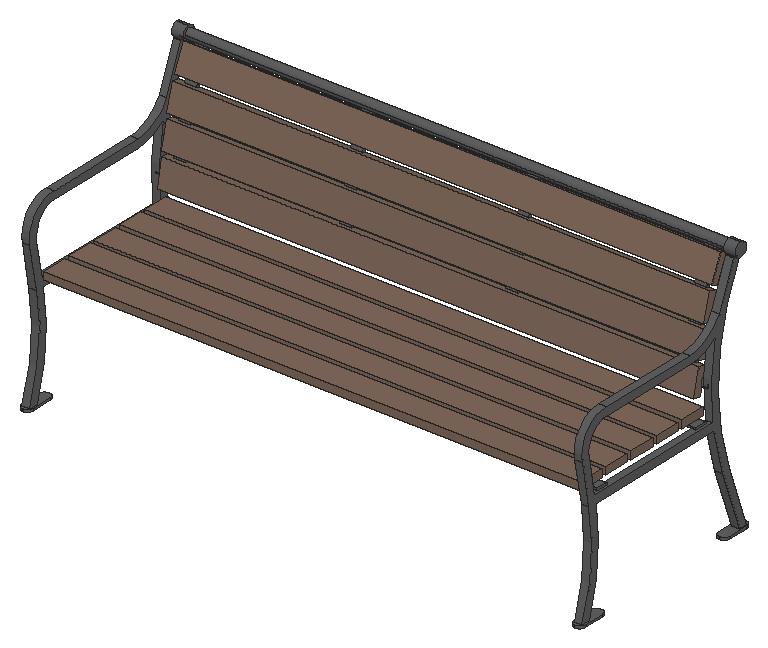
Revit family "Bench-SiteScapes-Avondale-Backed-Wood_Slat", category Furniture, Revit 2015 (continued)
Definition of nested family "Frame-Back-SiteScapes-Steel_Bar"
  Lines and regions (in)
    model lines, detail levels coarse
      curve 9: line (10.08333, -3.6182, 7.40443) -> (10.08333, -4.94363, 0.58633)
      curve 10: line (10.08333, -3.61722, 7.40414) -> (10.08333, -2.62644, 10.73314)
      curve 11: line (10.08333, -2.62896, 10.73427) -> (10.08333, -0.69075, 15.04818)
      curve 12: line (33.25, -3.6182, 7.40443) -> (33.25, -4.94363, 0.58633)
      curve 13: line (33.25, -3.61722, 7.40414) -> (33.25, -2.62051, 10.75309)
      curve 14: line (33.25, -2.62051, 10.75309) -> (33.25, -0.69075, 15.04818)
  Dimensions and locks (in)
    equal spacing: plane 4 "Left", plane 3 "Center (Left/Right)", plane 5 "Right"
    "Frame Width": plane 4 "Left" to plane 5 "Right"
    "Height": plane 6 "Top" to plane 2 "Original Bottom"
    locked: plane 8 "Bar 4 Left" to plane 7 "Bar 4 Right" at 1.5
    locked: plane 10 "Bar 3 Left" to plane 9 "Bar 3 Right" at 1.5
    locked: plane 12 "Bar 2 Left" to plane 11 "Bar 2 Right" at 1.5
    locked: plane 14 "Bar 1 Left" to plane 13 "Bar 1 Right" at 1.5
    equal spacing: plane 13 "Bar 1 Right", plane 11 "Bar 2 Right", plane 9 "Bar 3 Right", plane 8 "Bar 4 Left"
    locked: plane 4 "Left" to plane 14 "Bar 1 Left" at 2
    locked: plane 7 "Bar 4 Right" to plane 5 "Right" at 2
    plane 4 "Left" to plane 16 "Left Inset" = 0' - 0 1/2"
    plane 15 "Right Inset" to plane 5 "Right" = 0' - 0 1/4"
    "Depth": plane 17 "Front" to plane 1 "Center (Front/Back)"
    locked: curve 1 to Masking region 2 at 0.66061
    aligned and locked: plane 2 "Original Bottom" to level
    aligned and locked: plane 8 "Bar 4 Left" to Sweep 1 sketch curve
    aligned and locked: Sweep 1 sketch curve to plane 7 "Bar 4 Right"
    aligned and locked: Sweep 1 sketch curve to plane 9 "Bar 3 Right"
    aligned and locked: plane 10 "Bar 3 Left" to Sweep 1 sketch curve
    aligned and locked: Sweep 1 sketch curve to plane 11 "Bar 2 Right"
    aligned and locked: plane 12 "Bar 2 Left" to Sweep 1 sketch curve
    aligned and locked: Sweep 1 sketch curve to plane 13 "Bar 1 Right"
    aligned and locked: plane 14 "Bar 1 Left" to Sweep 1 sketch curve
    aligned: plane 1 "Center (Front/Back)" to Sweep 2 sketch curve
    aligned and locked: plane 1 "Center (Front/Back)" to Sweep 2 sketch curve
    aligned and locked: plane 4 "Left" to Sweep 2 sketch curve
    aligned and locked: plane 5 "Right" to Sweep 2 sketch curve
    aligned and locked: plane 1 "Center (Front/Back)" to Sweep 3 sketch curve
    aligned and locked: plane 4 "Left" to Sweep 3 sketch curve
    aligned and locked: plane 5 "Right" to Sweep 3 sketch curve
    aligned and locked: Masking region 2 sketch curve to plane 14 "Bar 1 Left"
    aligned and locked: plane 13 "Bar 1 Right" to Masking region 2 sketch curve
    aligned and locked: Masking region 2 to Masking region 2
    aligned and locked: Masking region 2 to plane 6 "Top"
    aligned and locked: Masking region 2 to plane 4 "Left"
    aligned and locked: Masking region 2 to plane 7 "Bar 4 Right"
    aligned and locked: plane 8 "Bar 4 Left" to Masking region 2
    aligned and locked: Masking region 2 to plane 5 "Right"  (x2)
    aligned and locked: Masking region 2 to Sweep 3
    aligned: Masking region 1 to plane 1 "Center (Front/Back)"
    aligned: Masking region 1 to plane 17 "Front"
    aligned: Masking region 1 to plane 14 "Bar 1 Left"  (x2)
    aligned: plane 4 "Left" to Masking region 1  (x2)
    aligned: Sweep 3 to Masking region 1
    aligned: Masking region 1 to plane 8 "Bar 4 Left"
    aligned: plane 7 "Bar 4 Right" to Masking region 1
    aligned: plane 5 "Right" to Masking region 1  (x2)
    aligned and locked: Masking region 1 sketch curve to Sweep 3  (x3)
    aligned and locked: Sweep 3 to Masking region 1 sketch curve
    aligned and locked: Masking region 1 sketch curve to Sweep 1  (x4)
    aligned and locked: plane 14 "Bar 1 Left" to Masking region 1 sketch curve  (x3)
    aligned and locked: Masking region 1 sketch curve to plane 7 "Bar 4 Right"  (x3)
    aligned and locked: Sweep 1 to curve 2
    aligned and locked: Sweep 3 to curve 2
    aligned and locked: Sweep 1 to curve 3
    aligned and locked: curve 5 to curve 9
    aligned and locked: curve 10 to curve 9
    aligned and locked: curve 12 to curve 13
    aligned and locked: curve 13 to curve 14
    aligned and locked: Masking region 1 sketch curve to plane 4 "Left"
    aligned and locked: Masking region 1 sketch curve to plane 5 "Right"
  Automatic sketch dimensions
    plane 4 "Left" to curve 1 = 0' - 0"
    curve 1 to plane 5 "Right" = 0' - 0"
    Sweep 1 sketch curve to plane 17 "Front" = 0' - 0"
    plane 17 "Front" to Sweep 1 sketch curve = 0' - 0.59991"
    plane 17 "Front" to Sweep 1 sketch curve = 0' - 1 27/64"
    plane 17 "Front" to Sweep 1 sketch curve = 0' - 2.41856"
    plane 1 "Center (Front/Back)" to Sweep 1 sketch curve = 0' - 0.80003"
    level to Sweep 1 sketch curve = 0' - 0.09541"
    Sweep 1 sketch curve to Sweep 1 sketch curve = 0' - 3.08599"
    Sweep 1 sketch curve to Sweep 1 sketch curve = 0' - 4.22283"
    Sweep 1 sketch curve to Sweep 1 sketch curve = 0' - 3.34886"
    Sweep 1 sketch curve to plane 6 "Top" = 0' - 0.59347"
    Sweep 1 sketch curve to profile plane = 0' - 0"  (x4)
    Sweep 1 sketch curve to Sweep 1 sketch curve = 0' - 0 5/16"  (x2)
    profile plane to Sweep 1 sketch curve = 0' - 0 5/16"  (x2)
    profile plane to Sweep 2 sketch curve = 0' - 0.6575"
    level to Sweep 2 sketch curve = 1' - 2.74093"
    level to Sweep 3 sketch curve = 0' - 0.09541"
    profile plane to Sweep 3 sketch curve = 0' - 5 5/128"
    level to Sweep 3 sketch curve = 0' - 1.07725"
    Sweep 3 sketch curve to Sweep 3 sketch curve = 0' - 0.19087"
    Sweep 3 sketch curve to level = 0' - 0.00021"
    level to Sweep 3 sketch curve = 0' - 0.98162"
    Masking region 1 sketch curve to plane 14 "Bar 1 Left" = 0' - 0"
    Masking region 1 sketch curve to plane 7 "Bar 4 Right" = 0' - 0"
    Masking region 1 sketch curve to Masking region 1 sketch curve = 0' - 1.01192"
    Masking region 2 sketch curve to plane 5 "Right" = 0' - 0"  (x2)
    Masking region 2 sketch curve to plane 7 "Bar 4 Right" = 0' - 0"
    Masking region 2 sketch curve to plane 8 "Bar 4 Left" = 0' - 0"
    Masking region 2 sketch curve to plane 9 "Bar 3 Right" = 0' - 0"
    Masking region 2 sketch curve to plane 10 "Bar 3 Left" = 0' - 0"
    Masking region 2 sketch curve to plane 11 "Bar 2 Right" = 0' - 0"
    Masking region 2 sketch curve to plane 12 "Bar 2 Left" = 0' - 0"
    plane 4 "Left" to Masking region 2 sketch curve = 0' - 0"  (x2)
    Masking region 2 sketch curve to plane 6 "Top" = 0' - 0"
    Masking region 2 sketch curve to plane 6 "Top" = 0' - 1.31089"
    Masking region 2 sketch curve to plane 6 "Top" = 0' - 1.32119"
    Masking region 2 sketch curve to plane 6 "Top" = 0' - 1.32121"  (x3)
    level to Masking region 2 sketch curve = 0' - 1.07725"  (x5)
    level to Masking region 2 sketch curve = 0' - 0.09541"
    Masking region 3 sketch curve to plane 17 "Front" = 0' - 0"
    Masking region 3 sketch curve to level = 0' - 0.00021"
    plane 17 "Front" to Masking region 3 sketch curve = 0' - 0.4919"
    plane 17 "Front" to Masking region 3 sketch curve = 0' - 0.49776"
    Masking region 3 sketch curve to Masking region 3 sketch curve = 0' - 0.18501"
    plane 17 "Front" to Masking region 3 sketch curve = 0' - 1.41886"
    Masking region 3 sketch curve to Masking region 3 sketch curve = 0' - 0.30686"
    plane 17 "Front" to Masking region 3 sketch curve = 0' - 2.41856"
    Masking region 3 sketch curve to Masking region 3 sketch curve = 0' - 0.29358"
    plane 1 "Center (Front/Back)" to Masking region 3 sketch curve = 0' - 1.06177"
    Masking region 3 sketch curve to Masking region 3 sketch curve = 0' - 0.28505"
    Masking region 3 sketch curve to Masking region 3 sketch curve = 0' - 0.11922"
    level to Masking region 3 sketch curve = 0' - 0.09541"
    Masking region 3 sketch curve to Masking region 3 sketch curve = 0' - 0.06446"
    Masking region 3 sketch curve to Masking region 3 sketch curve = 0' - 3.31437"
    Masking region 3 sketch curve to Masking region 3 sketch curve = 0' - 0.10909"
    Masking region 3 sketch curve to plane 6 "Top" = 0' - 1.3041"
    Masking region 3 sketch curve to Masking region 3 sketch curve = 0' - 0.12807"
    curve 1 to plane 6 "Top" = 0' - 0.66061"
    plane 1 "Center (Front/Back)" to Masking region 1 sketch curve = 0' - 0"
    curve 3 to Sweep 1 = 0' - 0"
    curve 3 to Sweep 1 = 0' - 0.02081"
    Sweep 1 to curve 3 = 0' - 0 3/4"
    curve 4 to Sweep 1 = 0' - 0.02063"
    curve 4 to Sweep 1 = 0' - 0.26663"
    Sweep 1 to curve 4 = 0' - 0 3/4"
    curve 5 to Sweep 3 = 0' - 0"  (x2)
    curve 2 to Sweep 1 = 0' - 0"
    Sweep 1 to curve 2 = 0' - 0.50011"
    Sweep 1 to curve 2 = 0' - 0 3/4"
    Sweep 1 to curve 6 = 0' - 0.50011"
    curve 6 to Sweep 1 = 0' - 0.01525"
    Sweep 1 to curve 6 = 0' - 0 3/4"
    curve 7 to Sweep 1 = 0' - 0.01517"
    curve 7 to Sweep 1 = 0' - 0.02081"
    Sweep 1 to curve 7 = 0' - 0 3/4"
    curve 8 to Sweep 1 = 0' - 0.02063"
    curve 8 to Sweep 1 = 0' - 0.26663"
    Sweep 1 to curve 8 = 0' - 0 3/4"
    curve 9 to Sweep 1 = 0' - 0"
    Sweep 1 to curve 9 = 0' - 0.50011"
    Sweep 1 to curve 9 = 0' - 0 3/4"
    curve 10 to Sweep 1 = 0' - 0"
    curve 10 to Sweep 1 = 0' - 0.02081"
    curve 11 to Sweep 1 = 0' - 0.02063"
    curve 11 to Sweep 1 = 0' - 0.26663"
    Sweep 1 to curve 11 = 0' - 0 3/4"
    Sweep 1 to curve 12 = 0' - 0"
    Sweep 1 to curve 12 = 0' - 0.50011"
    Sweep 1 to curve 13 = 0' - 0"  (x2)
    Sweep 1 to curve 14 = 0' - 0"
    Sweep 1 to curve 14 = 0' - 0.26663"
    curve 14 to Sweep 1 = 0' - 0 3/4"
    radius of Sweep 2 sketch curve = 0' - 0.6575"
Definition of nested family "Unused-SiteScapes-Component"
  Parameters
    Radius = Diameter / 2  # 0' - 2"
    Diameter = 0' - 4"
    Product Page URL = ""
    Product Documentation Link = ""
    Height = 0' - 2"
    Copyright © = ""
    Assembly Code = ""
  Reference planes (in)
    plane 1 "Center (Front/Back)": y = 0
    plane 2 "Original Bottom": z = 0
    plane 3 "Center (Left/Right)": x = 0
    plane 4 "Left": x = -2
    plane 5 "Right": x = 2
    plane 6 "Front": y = -2
    plane 7 "Top": z = 2
    plane 8 "Back": y = 2
  Dimensions and locks (in)
    equal spacing: plane 4 "Left", plane 3 "Center (Left/Right)", plane 5 "Right"
    "Diameter": plane 4 "Left" to plane 5 "Right"
    "Height": plane 7 "Top" to plane 2 "Original Bottom"
    equal spacing: plane 8 "Back", plane 1 "Center (Front/Back)", plane 6 "Front"
    "Diameter": plane 6 "Front" to plane 8 "Back"
    aligned and locked: plane 2 "Original Bottom" to level
